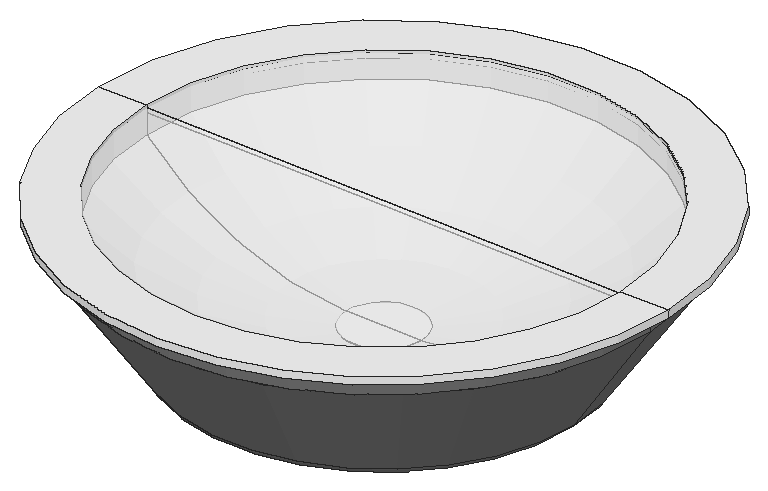
Revit family "0030310", category Lighting Fixtures, host Face, Revit 2016
Family settings
  Host = Face
  Part Type = Normal
  Round Connector Dimension = Use Diameter
  OmniClass Number = 23.80.70.00
  OmniClass Title = Lighting
  Cut with Voids When Loaded = No
  Light Source = Yes
  Shared = No
  Room Calculation Point = No
Parameters (values of type "0030310 Insaver Slim IP44 225 4700lm 830")
  WidthBezel_SYL = if(Size1_SYL, 20 mm, if(Size2_SYL, 20 mm, if(Size3PIR_SYL, 30 mm, if(Size4_SYL, 20 mm, 20 mm))))  # 20 mm
  Weight = "11.4 kg"
  Wattage Comments = ""
  Wattage = 40 W
  WarrantyStartDate [instance] = "n/a"
  WarrantyGuarantorParts = "n/a"
  WarrantyDurationUnit = "n/a"
  WarrantyDurationParts = "n/a"
  WarrantyDescription = "n/a"
  built-in parameter 1150110 = 1 (stored number, unit not read)
  Voltage = 230 V
  VisibilityPIR_SYL = Size3PIR_SYL  # no
  URL = "http://www.sylvania-lighting.com"
  TypeName = "Insaver Slim IP44 225 4700lm 830"
  Type Image = <None>
  Type Comments = "n/a"
  built-in parameter 1114217 = 1 (stored number, unit not read)
  Tilt Angle = -90.00°
  built-in parameter 1150109 = 1 (stored number, unit not read)
  built-in parameter 1150134 = (empty or 0)
  built-in parameter 1150113 = 1 (stored number, unit not read)
  Size4_SYL = no
  Size3PIR_SYL = no
  Size2_SYL = no
  Size1_SYL = no
  SerialNumber [instance] = "n/a"
  RadiusTop_SYL = 6 mm
  RadiusReflector_SYL = if(Size1_SYL, 85 mm, if(Size2_SYL, 85 mm, if(Size3PIR_SYL, 85 mm, if(Size4_SYL, 100 mm, 120 mm))))  # 120 mm
  Photometric Web File = "0030310.ies"
  Material_3_FEILO = Top-Sylvania-STARTDownlight
  PowerFactor = 0.9
  PowerConsumption = "40 W"
  NominalLength = 240 mm
  NominalHeight = 60 mm
  NominalDepth = 240 mm
  Name = "Insaver Slim IP44 225 4700lm 830"
  ModelReference = Name  # "Insaver Slim IP44 225 4700lm 830"
  ModelNumber = "0030310"
  Model = Name  # "Insaver Slim IP44 225 4700lm 830"
  Material = "aluminium housing, na diffuser"
  ManufacturerName = "Feilo Sylvania"
  Manufacturer = "Feilo Sylvania"
  LuminousEfficacy = "118 lm/W"
  built-in parameter 1150105 = 375.61 (stored number, unit not read)
  Lumens = 4720 lm
  LuminaireType = ""
  built-in parameter 1150115 = 1 (stored number, unit not read)
  LightOutputRatio = "n/a"
  built-in parameter 1150137 = (empty or 0)
  built-in parameter 1150139 = (empty or 0)
  LampsType = Lamp  # "LED"
  LampNominalLuminous = "4700 lm"
  LampMacAdamStep = "5"
  LampColourTemperature = "3000 K"
  LampColourRenderingIndex = "80"
  built-in parameter 1150112 = 1 (stored number, unit not read)
  built-in parameter 1150114 = 1 (stored number, unit not read)
  Lamp = "LED"
  Keynote = "16500"
  InstallationDate [instance] = "n/a"
  InputVoltage = "AC 220-240 V"
  InputNominalFrequency = "50/60 Hz"
  built-in parameter 1150132 = (empty or 0)
  built-in parameter 1150102 = (empty or 0)
  built-in parameter 1150107 = 3000 (stored number, unit not read)
  built-in parameter 1150138 = (empty or 0)
  IngressProtection = "IP40/20"
  ImpactProtectionIndex = "IK07"
  built-in parameter 1150106 = 3.7561 (stored number, unit not read)
  IfcExportType = "IfcLightFixtureType"
  IfcExportAs = "IfcLightFixtureType"
  Height_SYL = if(Size1_SYL, 61 mm, if(Size2_SYL, 61 mm, if(Size3PIR_SYL, 61 mm, if(Size4_SYL, 61 mm, 60 mm))))  # 60 mm
  HeightBezel_SYL = if(Size1_SYL, 3 mm, if(Size2_SYL, 3 mm, if(Size3PIR_SYL, 3 mm, if(Size4_SYL, 3.2 mm, 3 mm))))  # 3 mm
  ExpectedLife = 50000
  Emit from Circle Diameter = Diameter_SYL - 40 mm  # 200 mm
  Emit Shape Visible in Rendering = no
  ElectricShockClassification = "Class II"
  built-in parameter 1150104 = 10.963 (stored number, unit not read)
  DurationUnit = "hours"
  DocumentationLiterature = "http://www.sylvania-lighting.com/product/en-int/products/0030310"
  DimmingControlOptions = "n/a"
  Material_2_FEILO = Diffuser-Sylvania-STARTDownlight
  Dimming Lamp Color Temperature Shift = <None>
  Diameter_SYL = if(Size1_SYL, 165 mm, if(Size2_SYL, 190 mm, if(Size3PIR_SYL, 211 mm, if(Size4_SYL, 220 mm, 240 mm))))  # 240 mm
  DiameterTop_SYL = if(Size1_SYL, 98 mm, if(Size2_SYL, 122 mm, if(Size3PIR_SYL, 120 mm, if(Size4_SYL, 135 mm, 158 mm))))  # 158 mm
  DiameterTopBase_SYL = DiameterRecess_SYL  # 225 mm
  DiameterRecess_SYL = if(Size1_SYL, 150 mm, if(Size2_SYL, 170 mm, if(Size3PIR_SYL, 186 mm, if(Size4_SYL, 200 mm, 225 mm))))  # 225 mm
  Description = ""
  Default Elevation = 1219.2 mm
  CreatedOn = "3/18/2019"
  CreatedBy = "@sylvania-lighting.com"
  Cost = 0
  Color Filter = 16777215
  built-in parameter 1114216 [instance] = (empty or 0)
  ClassificationValue = "EF_70_80"
  ClassificationName = "Uniclass2015"
  Material_1_FEILO = Trim-Sylvania-STARTDownlight-White
  BarCode [instance] = "n/a"
  built-in parameter 1114218 = 1 (stored number, unit not read)
  built-in parameter 1150133 = 10 (stored number, unit not read)
  AssetType = "Fixed"
  AssetIdentifier [instance] = "n/a"
  Assembly Code = "D5020200"
  Apparent Load = 40 VA
  Material_4_FEILO = LED-Sylvania-STARTDownlight
Types (2, lengths in mm): name | Wattage | Photometric Web File | PowerConsumption | LuminousEfficacy | built-in parameter 1150105 | Lumens | LampNominalLuminous | built-in parameter 1150106 | built-in parameter 1150104 | Apparent Load
  0030310 Insaver Slim IP44 225 4700lm 830 | 40 W | "0030310.ies" | "40 W" | "118 lm/W" | 375.61 (stored number, unit not read) | 4720 lm | "4700 lm" | 3.7561 (stored number, unit not read) | 10.963 (stored number, unit not read) | 40 VA
  0030310 Insaver Slim IP44 225 4700lm 830 Emergency mode | 43 W | "0030310EM.ies" | "43 W" | "8.87 lm/W" | 30.352 (stored number, unit not read) | 381.41 lm | "381 lm" | 0.30352 (stored number, unit not read) | 0.82405 (stored number, unit not read) | 43 VA
Reference planes
  plane 1 "Center (Front/Back)": y = 0
  plane 2: z = 0
  plane 3 "Center (Left/Right)": x = 0
  plane 4: x = 120
  plane 5: x = -120
  plane 6: z = 3
  plane 7: z = -8
  plane 8: z = -57
  plane 9: x = -112.5
  plane 10: x = 112.5
  plane 11: x = -79
  plane 12: x = 79
  plane 13: z = -85
  plane 14: x = -100
  plane 15: z = 2
  plane 16: z = -45
  plane 17: x = -16
  plane 18: x = -105
  plane 19: x = -81.5
  plane 20: x = -99.5
  plane 21: x = -114
  plane 22: z = 5.5
  plane 23: z = 8.7
  plane 24: x = -113
  plane 25: z = 13.7
Forms (mm)
  Revolve 1, void
    sketch origin (0, 0, 0) x (1, 0, 0) y (0, 0, 1)
      loop
        line (0, 0) -> (-112.5, 0) -> (-112.5, -85) -> (0, -85) -> (0, 0)
      axis (0, 0) -> (0, -85)
    angle from 360 to 0
  Revolve 2, solid, material "Trim-Sylvania-STARTDownlight-White" <- "Material_1_FEILO"
    sketch origin (0, 0, 0) x (1, 0, 0) y (0, 0, 1)
      loop
        line (-100, 3) -> (-120, 3) -> (-120, 0) -> (-112.5, 0) -> (-112.5, -8) -> (-80.681, -53.768)
        arc (-80.681, -53.768) -> (-78.471, -56.129) -> (-75.357, -57) r 6
        line (-75.357, -57) -> (0, -57) -> (0, -45) -> (-16, -45)
        arc (-16, -45) -> (-61.677, -34.849) -> (-100, -8) r 120
        line (-100, -8) -> (-100, 3)
      axis (0, 3) -> (0, -57)
    angle from 360 to 0
  Revolve 3, solid, material "Diffuser-Sylvania-STARTDownlight" <- "Material_2_FEILO"
    sketch origin (0, 0, 0) x (1, 0, 0) y (0, 0, 1)
      loop
        line (-100, 0) -> (0, 0) -> (0, 2) -> (-100, 2) -> (-100, 0)
      axis (0, 2) -> (0, 0)
    angle from 360 to 0
  Revolve 4, solid, material "Trim-Sylvania-STARTDownlight-White" <- "Material_1_FEILO", visible <- "VisibilityPIR_SYL"
    sketch origin (0, 0, 0) x (1, 0, 0) y (0, 0, 1)
      loop
        line (-105, 3) -> (-105, 13.7)
        arc (-105, 13.7) -> (-109.717, 12.347) -> (-113, 8.7) r 8.9
        line (-113, 8.7) -> (-113, 5.5) -> (-114, 5.5) -> (-114, 3) -> (-105, 3)
      axis (-105, 13.7) -> (-105, 3)
    angle from 360 to 0
Dimensions and locks
  equal spacing: plane 4, plane 3 "Center (Left/Right)", plane 5
  "Diameter_SYL": plane 4 to plane 5
  equal spacing: plane 10, plane 3 "Center (Left/Right)", plane 9
  equal spacing: plane 12, plane 3 "Center (Left/Right)", plane 11
  "DiameterTop_SYL": plane 12 to plane 11
  "HeightBezel_SYL": plane 6 to plane 2
  "Height_SYL": plane 6 to plane 8
  locked: plane 2 to plane 7 at 8
  locked: plane 2 to plane 13 at 85
  "WidthBezel_SYL": plane 14 to plane 5
  locked: plane 6 to plane 15 at 1
  "DiameterRecess_SYL": plane 10 to plane 9
  locked: plane 3 "Center (Left/Right)" to plane 17 at 16
  locked: plane 16 to plane 8 at 12
  locked: plane 18 to plane 21 at 9
  locked: plane 22 to plane 6 at 2.5
  locked: plane 23 to plane 22 at 3.2
  locked: plane 18 to plane 24 at 8
  locked: plane 25 to plane 23 at 5
  locked: plane 25 to Revolve 4 sketch curve at 8.9
  locked: plane 18 to plane 5 at 15
  "RadiusReflector_SYL": radius of Revolve 2 sketch curve
  "RadiusTop_SYL": radius of Revolve 2 sketch curve
  aligned and locked: plane 2 to host face
  aligned and locked: level to host face
  aligned and locked: Revolve 1 sketch curve to plane 3 "Center (Left/Right)"
  aligned and locked: plane 3 "Center (Left/Right)" to Revolve 1 sketch curve
  aligned and locked: Revolve 1 sketch curve to plane 9
  aligned and locked: plane 13 to Revolve 1 sketch curve
  aligned and locked: plane 3 "Center (Left/Right)" to imposter light
  aligned and locked: imposter light to plane 15
  aligned and locked: imposter light to plane 1 "Center (Front/Back)"
  aligned and locked: Revolve 2 sketch curve to plane 3 "Center (Left/Right)"
  aligned and locked: Revolve 2 sketch curve to plane 6
  aligned and locked: Revolve 2 sketch curve to plane 5
  aligned and locked: Revolve 2 sketch curve to level
  aligned and locked: plane 7 to Revolve 2 sketch curve  (x2)
  aligned and locked: Revolve 2 sketch curve to plane 9
  aligned and locked: plane 8 to Revolve 2 sketch curve
  aligned and locked: Revolve 2 sketch curve to plane 14
  aligned and locked: plane 3 "Center (Left/Right)" to Revolve 2 sketch curve
  aligned and locked: Revolve 2 sketch curve to plane 16
  aligned and locked: Revolve 3 sketch curve to plane 3 "Center (Left/Right)"
  aligned and locked: Revolve 3 sketch curve to level
  aligned and locked: imposter light to Revolve 3 sketch curve  (x2)
  aligned and locked: Revolve 4 sketch curve to plane 18  (x2)
  aligned and locked: Revolve 4 sketch curve to plane 6
  aligned and locked: plane 22 to Revolve 4 sketch curve
  aligned and locked: plane 24 to Revolve 4 sketch curve
  aligned and locked: Revolve 4 sketch curve to Revolve 4 sketch curve
  aligned and locked: plane 21 to Revolve 4 sketch curve
Automatic sketch dimensions
  host sketch curve to host sketch curve = 2438.4 mm  (x2)
  plane 13 to Revolve 1 sketch curve = 524.6 mm
  Revolve 1 sketch curve to plane 6 = 2606.058 mm
  Revolve 1 sketch curve to level = 0 mm
  Revolve 2 sketch curve to plane 17 = 0 mm
  Revolve 2 sketch curve to plane 11 = 1.681 mm
  plane 11 to Revolve 2 sketch curve = 3.643 mm
  plane 13 to Revolve 2 sketch curve = 524.6 mm
  Revolve 2 sketch curve to Revolve 2 sketch curve = 2577.983 mm
  Revolve 3 sketch curve to plane 14 = 0 mm
  plane 13 to Revolve 3 sketch curve = 524.6 mm
  Revolve 3 sketch curve to plane 6 = 2606.058 mm
  Revolve 4 sketch curve to plane 23 = 0 mm
  plane 13 to Revolve 4 sketch curve = 524.6 mm
  Revolve 4 sketch curve to Revolve 4 sketch curve = 2595.358 mm
Connectors
  electrical at (0, 0, 0), driven by "Apparent Load", driven by "PowerFactor", driven by "Voltage"
    settings: index 1, voltage 230 V, apparent load 40 VA, apparent load phase1 0 VA, apparent load phase2 0 VA, apparent load phase3 0 VA, power factor 0.9, load classification "Lighting", number of poles 1, system type 30, power factor state 1, is connector primary yes, connector utility no, sub classification motor no, connector description ""
